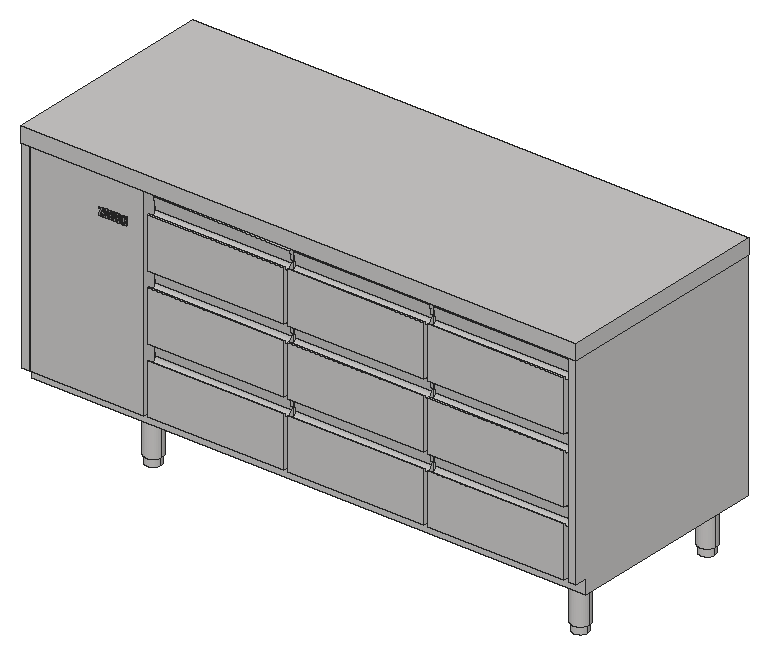
Revit family "QF_ZANUSSI_111049_ZH3HBCCC", category Specialty Equipment, Revit 2018
Family settings
  Round Connector Dimension = Use Diameter
  Part Type = Normal
  Work Plane-Based = No
  Always vertical = Yes
  Cut with Voids When Loaded = No
  Shared = No
  Room Calculation Point = No
Parameters
  Weight = 0.00 kg
  Watts = 0.0232258 W
  Volts = 220 V
  URL Manufacturer = "http://www.zanussiprofessional.com/"
  URL = "http://www.zanussiprofessional.com/"
  Steam Supply Size = 0 mm
  Steam Supply Minimum Pressure = 0.0 Pa
  Steam Supply Maximum Pressure = 0.0 Pa
  Steam Pounds per Hour = 0
  Show Logo [instance] = yes
  Show Clearance [instance] = yes
  Refrigeration Suction Line Size = 0 mm
  Refrigeration Liquid Line Size = 0 mm
  Refrigerant Compressor Remote = yes
  Manufacturer = "Zanussi"
  Phase = 1
  Model = "ZH3HBCCC"
  Length Actual = 1799 mm  # constant formula
  Item Number = "111049"
  Hot Water Size = 0 mm
  Height Actual = 900 mm  # constant formula
  HP = "0.3 HP"
  Gas Size = 0 mm
  Gas KW = 0
  Gas Input Pressure = 0 W
  Description = "9x1/3 DRAWERS REF.TABLE 440L"
  Depth Actual = 700 mm  # constant formula
  Cycle = 50 Hz
  Condensate Return Size = 0 mm
  Compressed Air Volume = 0.0 L/s
  Compressed Air Size = 0 mm
  Compressed Air Pressure = 0.0 Pa
  Cold Water Size = 0 mm
  Accessory = yes
Reference planes
  plane 1 "Center X": y = 182.5
  plane 2: z = 0
  plane 3 "Center Y": x = -353.5
  plane 4: y = -62.5
  plane 5: y = 451.5
  plane 6 "BACK": y = 532.5
  plane 7 "FRONT": y = -167.5
  plane 8: x = -906
  plane 9: x = 478
  plane 10: z = 150
  plane 11 "TOP": z = 900
  plane 12: z = 850
  plane 13 "LEFT": x = -1251
  plane 14 "RIGHT": x = 544
  plane 15: x = -1253
  plane 16: x = 546
Forms (mm)
  Extrusion 1, solid, material "QF_Finishes_Stainless Steel"
    sketch origin (-353.5, 2, 0) x (0, 1, 0) y (0, 0, 1)
      loop
        line (530.5, 150) -> (530.5, 850) -> (-124.5, 850) -> (-124.5, 150) -> (530.5, 150)
    from -897.5 to 897.5
  Extrusion 2, solid, material "QF_Finishes_Stainless Steel"
    sketch origin (-1022.223, -1524, 150) x (-1, 0, 0) y (0, -1, 0)
      loop
        line (228.777, -1361.5) -> (203.777, -1361.5) -> (203.777, -1401.5) -> (228.777, -1401.5) -> (228.777, -1361.5)
      loop
        line (-1566.223, -1401.5) -> (-1541.223, -1401.5) -> (-1541.223, -1361.5) -> (-1566.223, -1361.5) -> (-1566.223, -1401.5)
    from 47 to 700
  Extrusion 3, solid, material "QF_Finishes_Stainless Steel"
    sketch origin (0, 0, 900) x (-1, 0, 0) y (0, -1, 0)
      loop
        circle (170, -94.5) r 8.45
    from -790.577 to -750
  Extrusion 4, solid, material "QF_Finishes_Stainless Steel"
    sketch origin (0, 0, 0) x (1, 0, 0) y (0, 1, 0)
      loop
        circle (-1167, 451.5) r 4
    from 109.423 to 150
  Extrusion 5, solid, material "QF_Finishes_Stainless Steel"
    sketch origin (-126.5, 0, 0) x (0, 1, 0) y (0, 0, 1)
      loop
        line (-167.5, 900) -> (-167.5, 850) -> (532.5, 850) -> (532.5, 900) -> (-167.5, 900)
    from 672.5 to -1126.5
Cuts and joins
  joined: Extrusion 1, Extrusion 2
Lines and regions (mm)
  symbolic lines, style "SpecialityEquipmentHiddenLines"
    curve 1: line (-1253, -122.5, 900) -> (546, -122.5, 900)
    curve 2: line (-850, -167.5, 900) -> (-850, -122.5, 900)
  symbolic lines, style "SpecialityEquipment"
    curve 3: line (-1253, 532.5, 900) -> (546, 532.5, 900)
    curve 4: line (-1253, 532.5, 900) -> (-1253, -167.5, 900)
    curve 5: line (-1253, -167.5, 900) -> (546, -167.5, 900)
    curve 6: line (546, -167.5, 900) -> (546, 532.5, 900)
Dimensions and locks
  locked: plane 6 "BACK" to plane 7 "FRONT" at 700
  equal spacing: plane 6 "BACK", plane 1 "Center X", plane 7 "FRONT"
  locked: plane 6 "BACK" to plane 5 at 81
  plane 10 to level = 150 mm
  plane 11 "TOP" to plane 12 to plane 10 = 50 mm locked, 700 mm locked
  locked: Extrusion 2 sketch curve to Extrusion 2 sketch curve at 25  (x2)
  locked: plane 4 to plane 7 "FRONT" at 105
  locked: plane 6 "BACK" to Extrusion 3 sketch curve at 438
  equal spacing: plane 13 "LEFT", plane 3 "Center Y", plane 14 "RIGHT"
  plane 15 to plane 16 = 1799 mm
  locked: plane 13 "LEFT" to plane 8 at 345
  locked: plane 9 to plane 14 "RIGHT" at 66
  Extrusion 3 sketch curve to plane 14 "RIGHT" = 714 mm
  plane 13 "LEFT" to Extrusion 4 sketch curve = 84 mm
  locked: plane 6 "BACK" to Extrusion 4 sketch curve at 81
  locked: plane 10 to Extrusion 4 at 40.577
  aligned and locked: level to plane 2
  aligned and locked: plane 10 to Extrusion 3
  aligned and locked: nested 4 to plane 4
  aligned and locked: nested 1 to plane 4
  aligned and locked: nested 3 to plane 5
  aligned and locked: nested 2 to plane 5
  aligned and locked: plane 8 to nested 1
  aligned and locked: plane 8 to nested 2
  aligned and locked: plane 9 to nested 4
  aligned and locked: plane 9 to nested 3
  aligned and locked: Extrusion 1 to Extrusion 2
  aligned and locked: Extrusion 2 to Extrusion 1
  aligned and locked: Extrusion 2 sketch curve to plane 14 "RIGHT"
  aligned and locked: plane 13 "LEFT" to Extrusion 2 sketch curve
  aligned and locked: cut or joined group of Extrusion 1, Extrusion 2 to plane 10
  aligned and locked: plane 12 to cut or joined group of Extrusion 1, Extrusion 2
  aligned and locked: plane 10 to Extrusion 4
Automatic sketch dimensions
  plane 7 "FRONT" to Extrusion 2 sketch curve = 45 mm  (x2)
  plane 7 "FRONT" to Extrusion 2 sketch curve = 5 mm  (x2)
  Extrusion 1 sketch curve to plane 10 = 0 mm
  Extrusion 1 sketch curve to plane 12 = 0 mm
  Extrusion 1 sketch curve to plane 6 "BACK" = 0 mm
  plane 7 "FRONT" to Extrusion 1 sketch curve = 45 mm
  Extrusion 5 sketch curve to plane 7 "FRONT" = 0 mm
  Extrusion 5 sketch curve to plane 6 "BACK" = 0 mm
  Extrusion 5 sketch curve to plane 12 = 0 mm
  Extrusion 5 sketch curve to plane 11 "TOP" = 0 mm
  curve 6 to plane 6 "BACK" = 0 mm
  curve 6 to plane 16 = 0 mm
  curve 2 to plane 7 "FRONT" = 0 mm
  curve 5 to plane 15 = 0 mm
  plane 8 to curve 2 = 56 mm
  curve 1 to curve 4 = 45 mm
  radius of Extrusion 3 sketch curve = 8.45 mm
  radius of Extrusion 4 sketch curve = 4 mm
Nested families
  nested 1: "Foot_Ø50_H150" at (-906, -62.5, 0), type "Foot_Ø50_H150"
  nested 2: "Foot_Ø50_H150" at (-906, 451.5, 0), type "Foot_Ø50_H150"
  nested 3: "Foot_Ø50_H150" at (478, 451.5, 0), type "Foot_Ø50_H150"
  nested 4: "Foot_Ø50_H150" at (478, -62.5, 0), type "Foot_Ø50_H150"
  nested 5: "3x1-3 Drawers" at (285, -164.5, 0), Show Clearance <- "Show Clearance", type "3x1-3 Drawers"
  nested 6: "3x1-3 Drawers" at (-169, -164.5, 0), Show Clearance <- "Show Clearance", type "3x1-3 Drawers"
  nested 7: "Refrigerator" at (544, -167.5, 900), type "Refrigerator"
  nested 8: "ZAN_Cooling Unit" at (-1041.5, -164.5, 0), Show Logo <- "Show Logo", type "ZAN_Cooling Unit"
  nested 9: "3x1-3 Drawers" at (-623, -164.5, 0) x (-1, 0, 0) z (0, 0, 1), Show Clearance <- "Show Clearance", type "3x1-3 Drawers"
Connectors
  electrical at (-1167, 451.5, 109.423), driven by "Volts"
    settings: on Extrusion 4, index 4, voltage 220 V, apparent load 0 VA, apparent load phase1 0 VA, apparent load phase2 0 VA, apparent load phase3 0 VA, power factor 1, load classification "Altro", number of poles 1, system type 30, power factor state 1, is connector primary yes, connector utility no, sub classification motor no, connector description "Electrical Connection"
  piping at (-170, 94.5, 109.423), diameter 17
    settings: on Extrusion 3, index 5, connector inside diameter 609.6 mm, connector length 0 mm, flow factor 0, pipe flow 0.0 L/s, pressure drop 0.0 Pa, fitting loss kfactor 0, connector angle 0.00°, fixture units 0, engagement length 0 mm, angle of deflection 0.00°, flow configuration 1, flow direction 2, fitting loss method 0, system type 16, joint type 0, gender type 0, connector reference index -1, connector utility 0, adjustable connector no, is connector primary yes, connector description "Drain"
Definition of nested family "Foot_Ø50_H150"
  Reference planes
    plane 1 "Centro (Fronte/Retro)": y = 0
    plane 2: z = 0
    plane 3 "Centro (Sinistra/Destra)": x = 0
    plane 4: z = 150
  Forms (mm)
    Revolve 1, solid
      sketch origin (255.05, 0, 608.09) x (0, 0, 1) y (-1, 0, 0)
        loop
          line (-608.09, 255.05) -> (-608.09, 230.05) -> (-583.09, 230.05) -> (-583.09, 226.05) -> (-458.09, 226.05) -> (-458.09, 255.05) -> (-608.09, 255.05)
        axis (-608.09, 255.05) -> (-458.09, 255.05)
      angle from 0 to 360
  Dimensions and locks
    locked: Revolve 1 sketch curve to Revolve 1 sketch curve at 125
    aligned and locked: level to plane 2
    aligned and locked: plane 4 to Revolve 1 sketch curve
    aligned and locked: Revolve 1 sketch curve to level
    aligned and locked: plane 3 "Centro (Sinistra/Destra)" to Revolve 1 sketch curve
Definition of nested family "3x1-3 Drawers"
  Parameters
    Show Clearance [instance] = yes
  Reference planes
    plane 1 "FRONT": y = -3
    plane 2: z = 0
    plane 3 "Centro (Sinistra/Destra)": x = 0
    plane 4: z = 150
    plane 5: z = 850
    plane 6: x = -234
    plane 7: x = 234
    plane 8: x = -220
    plane 9: x = 220
  Forms (mm)
    Extrusion 1, solid
      sketch origin (0, 55, 511) x (0, 0, 1) y (0, -1, 0)
        loop
          line (314, 18) -> (314, 29) -> (274.395, 22.5)
          arc (274.395, 22.5) -> (260.395, 36.5) -> (274.395, 50.5) r 14
          line (274.395, 50.5) -> (274.395, 53) -> (111.333, 53) -> (111.333, 18) -> (314, 18)
        loop
          line (101.333, 29) -> (61.728, 22.5)
          arc (61.728, 22.5) -> (47.728, 36.5) -> (61.728, 50.5) r 14
          line (61.728, 50.5) -> (61.728, 53) -> (-101.333, 53) -> (-101.333, 18) -> (101.333, 18) -> (101.333, 29)
        loop
          line (-314, 18) -> (-111.333, 18) -> (-111.333, 29) -> (-150.939, 22.5)
          arc (-150.939, 22.5) -> (-164.939, 36.5) -> (-150.939, 50.5) r 14
          line (-150.939, 50.5) -> (-150.939, 53) -> (-314, 53) -> (-314, 18)
      from -220 to 220
    Extrusion 2, solid, visible <- "Show Clearance", detail levels coarse
      sketch origin (0, -462, 511) x (0, 0, 1) y (0, -1, 0)
        loop
          line (-314, 109) -> (-314, -464) -> (-111.333, -464) -> (-111.333, 109) -> (-314, 109)
        loop
          line (314, -464) -> (314, 109) -> (111.333, 109) -> (111.333, -464) -> (314, -464)
        loop
          line (101.333, 109) -> (-101.333, 109) -> (-101.333, -464) -> (101.333, -464) -> (101.333, 109)
      from -220 to 220
  Lines and regions (mm)
    symbolic lines
      curve 1: line (-190, -3, 0) -> (-190, -48, 0)
      curve 2: line (220, -48, 0) -> (-220, -48, 0)
      curve 3: line (-220, -48, 0) -> (-220, -83, 0)
      curve 4: line (-220, -83, 0) -> (220, -83, 0)
      curve 5: line (220, -83, 0) -> (220, -48, 0)
      curve 6: line (190, -48, 0) -> (190, -3, 0)
      curve 7: line (-190, -83, 0) -> (-190, -128, 0)
      curve 8: line (220, -128, 0) -> (-220, -128, 0)
      curve 9: line (-220, -128, 0) -> (-220, -163, 0)
      curve 10: line (-220, -163, 0) -> (220, -163, 0)
      curve 11: line (220, -163, 0) -> (220, -128, 0)
      curve 12: line (190, -128, 0) -> (190, -83, 0)
      curve 13: line (-190, -163, 0) -> (-190, -208, 0)
      curve 14: line (220, -208, 0) -> (-220, -208, 0)
      curve 15: line (-220, -208, 0) -> (-220, -243, 0)
      curve 16: line (-220, -243, 0) -> (220, -243, 0)
      curve 17: line (220, -243, 0) -> (220, -208, 0)
      curve 18: line (190, -208, 0) -> (190, -163, 0)
  Dimensions and locks
    aligned and locked: level to plane 2
Definition of nested family "ZAN_Cooling Unit"
  Parameters
    Show Logo [instance] = yes
  Reference planes
    plane 1 "FRONT": y = -3
    plane 2: z = 0
    plane 3 "Centro (Sinistra/Destra)": x = 0
    plane 4: z = 150
    plane 5: z = 850
    plane 6: x = -184.5
    plane 7: x = 184.5
  Forms (mm)
    Extrusion 1, solid
      sketch origin (0, 55, 511) x (0, 0, 1) y (0, -1, 0)
        loop
          line (-314, 53) -> (-314, 13) -> (339, 13) -> (339, 53) -> (-314, 53)
      from -184.5 to 184.5
  Lines and regions (mm)
    Split face 1
      outline origin (0, 2, 197) x (0, 0, 1) y (-1, 0, 0)
        loop
          line (566.835, 184.5) -> (566.835, -184.5)
        loop
          line (521.835, 184.5) -> (521.835, -184.5)
    Split face 2
      outline origin (0, 2, 197) x (0, 0, 1) y (-1, 0, 0)
        loop
          arc (510.649, 158.547) -> (506.648, 162.548) -> (502.647, 158.547) r 4.001
          line (502.647, 158.547) -> (502.647, 116.535)
          arc (502.647, 116.535) -> (506.648, 112.533) -> (510.649, 116.535) r 4.001
          line (510.649, 116.535) -> (510.649, 158.547)
    Split face 3
      outline origin (0, 2, 184.996) x (0, 0, 1) y (-1, 0, 0)
        loop
          arc (510.649, 158.547) -> (506.648, 162.548) -> (502.647, 158.547) r 4.001
          line (502.647, 158.547) -> (502.647, 116.535)
          arc (502.647, 116.535) -> (506.648, 112.533) -> (510.649, 116.535) r 4.001
          line (510.649, 116.535) -> (510.649, 158.547)
    Split face 4
      outline origin (0, 2, 172.993) x (0, 0, 1) y (-1, 0, 0)
        loop
          arc (510.649, 158.547) -> (506.648, 162.548) -> (502.647, 158.547) r 4.001
          line (502.647, 158.547) -> (502.647, 116.535)
          arc (502.647, 116.535) -> (506.648, 112.533) -> (510.649, 116.535) r 4.001
          line (510.649, 116.535) -> (510.649, 158.547)
    Split face 5
      outline origin (0, 2, 160.989) x (0, 0, 1) y (-1, 0, 0)
        loop
          arc (510.649, 158.547) -> (506.648, 162.548) -> (502.647, 158.547) r 4.001
          line (502.647, 158.547) -> (502.647, 116.535)
          arc (502.647, 116.535) -> (506.648, 112.533) -> (510.649, 116.535) r 4.001
          line (510.649, 116.535) -> (510.649, 158.547)
    Split face 6
      outline origin (0, 2, 148.986) x (0, 0, 1) y (-1, 0, 0)
        loop
          arc (510.649, 158.547) -> (506.648, 162.548) -> (502.647, 158.547) r 4.001
          line (502.647, 158.547) -> (502.647, 116.535)
          arc (502.647, 116.535) -> (506.648, 112.533) -> (510.649, 116.535) r 4.001
          line (510.649, 116.535) -> (510.649, 158.547)
    Split face 7
      outline origin (0, 2, 136.982) x (0, 0, 1) y (-1, 0, 0)
        loop
          arc (510.649, 158.547) -> (506.648, 162.548) -> (502.647, 158.547) r 4.001
          line (502.647, 158.547) -> (502.647, 116.535)
          arc (502.647, 116.535) -> (506.648, 112.533) -> (510.649, 116.535) r 4.001
          line (510.649, 116.535) -> (510.649, 158.547)
    Split face 8
      outline origin (0, 2, 124.979) x (0, 0, 1) y (-1, 0, 0)
        loop
          arc (510.649, 158.547) -> (506.648, 162.548) -> (502.647, 158.547) r 4.001
          line (502.647, 158.547) -> (502.647, 116.535)
          arc (502.647, 116.535) -> (506.648, 112.533) -> (510.649, 116.535) r 4.001
          line (510.649, 116.535) -> (510.649, 158.547)
    Split face 9
      outline origin (0, 2, 112.975) x (0, 0, 1) y (-1, 0, 0)
        loop
          arc (510.649, 158.547) -> (506.648, 162.548) -> (502.647, 158.547) r 4.001
          line (502.647, 158.547) -> (502.647, 116.535)
          arc (502.647, 116.535) -> (506.648, 112.533) -> (510.649, 116.535) r 4.001
          line (510.649, 116.535) -> (510.649, 158.547)
    Split face 10
      outline origin (0, 2, 100.972) x (0, 0, 1) y (-1, 0, 0)
        loop
          arc (510.649, 158.547) -> (506.648, 162.548) -> (502.647, 158.547) r 4.001
          line (502.647, 158.547) -> (502.647, 116.535)
          arc (502.647, 116.535) -> (506.648, 112.533) -> (510.649, 116.535) r 4.001
          line (510.649, 116.535) -> (510.649, 158.547)
    Split face 11
      outline origin (0, 2, 88.968) x (0, 0, 1) y (-1, 0, 0)
        loop
          arc (510.649, 158.547) -> (506.648, 162.548) -> (502.647, 158.547) r 4.001
          line (502.647, 158.547) -> (502.647, 116.535)
          arc (502.647, 116.535) -> (506.648, 112.533) -> (510.649, 116.535) r 4.001
          line (510.649, 116.535) -> (510.649, 158.547)
    Split face 12
      outline origin (0, 2, 76.965) x (0, 0, 1) y (-1, 0, 0)
        loop
          arc (510.649, 158.547) -> (506.648, 162.548) -> (502.647, 158.547) r 4.001
          line (502.647, 158.547) -> (502.647, 116.535)
          arc (502.647, 116.535) -> (506.648, 112.533) -> (510.649, 116.535) r 4.001
          line (510.649, 116.535) -> (510.649, 158.547)
    Split face 13
      outline origin (0, 2, 64.961) x (0, 0, 1) y (-1, 0, 0)
        loop
          arc (510.649, 158.547) -> (506.648, 162.548) -> (502.647, 158.547) r 4.001
          line (502.647, 158.547) -> (502.647, 116.535)
          arc (502.647, 116.535) -> (506.648, 112.533) -> (510.649, 116.535) r 4.001
          line (510.649, 116.535) -> (510.649, 158.547)
    Split face 14
      outline origin (0, 2, 52.958) x (0, 0, 1) y (-1, 0, 0)
        loop
          arc (510.649, 158.547) -> (506.648, 162.548) -> (502.647, 158.547) r 4.001
          line (502.647, 158.547) -> (502.647, 116.535)
          arc (502.647, 116.535) -> (506.648, 112.533) -> (510.649, 116.535) r 4.001
          line (510.649, 116.535) -> (510.649, 158.547)
    Split face 15
      outline origin (0, 2, 40.954) x (0, 0, 1) y (-1, 0, 0)
        loop
          arc (510.649, 158.547) -> (506.648, 162.548) -> (502.647, 158.547) r 4.001
          line (502.647, 158.547) -> (502.647, 116.535)
          arc (502.647, 116.535) -> (506.648, 112.533) -> (510.649, 116.535) r 4.001
          line (510.649, 116.535) -> (510.649, 158.547)
    Split face 16
      outline origin (0, 2, 28.951) x (0, 0, 1) y (-1, 0, 0)
        loop
          arc (510.649, 158.547) -> (506.648, 162.548) -> (502.647, 158.547) r 4.001
          line (502.647, 158.547) -> (502.647, 116.535)
          arc (502.647, 116.535) -> (506.648, 112.533) -> (510.649, 116.535) r 4.001
          line (510.649, 116.535) -> (510.649, 158.547)
    Split face 17
      outline origin (0, 2, 16.947) x (0, 0, 1) y (-1, 0, 0)
        loop
          arc (510.649, 158.547) -> (506.648, 162.548) -> (502.647, 158.547) r 4.001
          line (502.647, 158.547) -> (502.647, 116.535)
          arc (502.647, 116.535) -> (506.648, 112.533) -> (510.649, 116.535) r 4.001
          line (510.649, 116.535) -> (510.649, 158.547)
    Split face 18
      outline origin (55.016, 2, 197) x (0, 0, 1) y (-1, 0, 0)
        loop
          arc (510.649, 158.547) -> (506.648, 162.548) -> (502.647, 158.547) r 4.001
          line (502.647, 158.547) -> (502.647, 116.535)
          arc (502.647, 116.535) -> (506.648, 112.533) -> (510.649, 116.535) r 4.001
          line (510.649, 116.535) -> (510.649, 158.547)
    Split face 19
      outline origin (55.016, 2, 184.996) x (0, 0, 1) y (-1, 0, 0)
        loop
          arc (510.649, 158.547) -> (506.648, 162.548) -> (502.647, 158.547) r 4.001
          line (502.647, 158.547) -> (502.647, 116.535)
          arc (502.647, 116.535) -> (506.648, 112.533) -> (510.649, 116.535) r 4.001
          line (510.649, 116.535) -> (510.649, 158.547)
    Split face 20
      outline origin (55.016, 2, 172.993) x (0, 0, 1) y (-1, 0, 0)
        loop
          arc (510.649, 158.547) -> (506.648, 162.548) -> (502.647, 158.547) r 4.001
          line (502.647, 158.547) -> (502.647, 116.535)
          arc (502.647, 116.535) -> (506.648, 112.533) -> (510.649, 116.535) r 4.001
          line (510.649, 116.535) -> (510.649, 158.547)
    Split face 21
      outline origin (55.016, 2, 160.989) x (0, 0, 1) y (-1, 0, 0)
        loop
          arc (510.649, 158.547) -> (506.648, 162.548) -> (502.647, 158.547) r 4.001
          line (502.647, 158.547) -> (502.647, 116.535)
          arc (502.647, 116.535) -> (506.648, 112.533) -> (510.649, 116.535) r 4.001
          line (510.649, 116.535) -> (510.649, 158.547)
    Split face 22
      outline origin (55.016, 2, 148.986) x (0, 0, 1) y (-1, 0, 0)
        loop
          arc (510.649, 158.547) -> (506.648, 162.548) -> (502.647, 158.547) r 4.001
          line (502.647, 158.547) -> (502.647, 116.535)
          arc (502.647, 116.535) -> (506.648, 112.533) -> (510.649, 116.535) r 4.001
          line (510.649, 116.535) -> (510.649, 158.547)
    Split face 23
      outline origin (55.016, 2, 136.982) x (0, 0, 1) y (-1, 0, 0)
        loop
          arc (510.649, 158.547) -> (506.648, 162.548) -> (502.647, 158.547) r 4.001
          line (502.647, 158.547) -> (502.647, 116.535)
          arc (502.647, 116.535) -> (506.648, 112.533) -> (510.649, 116.535) r 4.001
          line (510.649, 116.535) -> (510.649, 158.547)
    Split face 24
      outline origin (55.016, 2, 124.979) x (0, 0, 1) y (-1, 0, 0)
        loop
          arc (510.649, 158.547) -> (506.648, 162.548) -> (502.647, 158.547) r 4.001
          line (502.647, 158.547) -> (502.647, 116.535)
          arc (502.647, 116.535) -> (506.648, 112.533) -> (510.649, 116.535) r 4.001
          line (510.649, 116.535) -> (510.649, 158.547)
    Split face 25
      outline origin (55.016, 2, 112.975) x (0, 0, 1) y (-1, 0, 0)
        loop
          arc (510.649, 158.547) -> (506.648, 162.548) -> (502.647, 158.547) r 4.001
          line (502.647, 158.547) -> (502.647, 116.535)
          arc (502.647, 116.535) -> (506.648, 112.533) -> (510.649, 116.535) r 4.001
          line (510.649, 116.535) -> (510.649, 158.547)
    Split face 26
      outline origin (55.016, 2, 100.972) x (0, 0, 1) y (-1, 0, 0)
        loop
          arc (510.649, 158.547) -> (506.648, 162.548) -> (502.647, 158.547) r 4.001
          line (502.647, 158.547) -> (502.647, 116.535)
          arc (502.647, 116.535) -> (506.648, 112.533) -> (510.649, 116.535) r 4.001
          line (510.649, 116.535) -> (510.649, 158.547)
    Split face 27
      outline origin (55.016, 2, 88.968) x (0, 0, 1) y (-1, 0, 0)
        loop
          arc (510.649, 158.547) -> (506.648, 162.548) -> (502.647, 158.547) r 4.001
          line (502.647, 158.547) -> (502.647, 116.535)
          arc (502.647, 116.535) -> (506.648, 112.533) -> (510.649, 116.535) r 4.001
          line (510.649, 116.535) -> (510.649, 158.547)
    Split face 28
      outline origin (55.016, 2, 76.965) x (0, 0, 1) y (-1, 0, 0)
        loop
          arc (510.649, 158.547) -> (506.648, 162.548) -> (502.647, 158.547) r 4.001
          line (502.647, 158.547) -> (502.647, 116.535)
          arc (502.647, 116.535) -> (506.648, 112.533) -> (510.649, 116.535) r 4.001
          line (510.649, 116.535) -> (510.649, 158.547)
    Split face 29
      outline origin (55.016, 2, 64.961) x (0, 0, 1) y (-1, 0, 0)
        loop
          arc (510.649, 158.547) -> (506.648, 162.548) -> (502.647, 158.547) r 4.001
          line (502.647, 158.547) -> (502.647, 116.535)
          arc (502.647, 116.535) -> (506.648, 112.533) -> (510.649, 116.535) r 4.001
          line (510.649, 116.535) -> (510.649, 158.547)
    Split face 30
      outline origin (55.016, 2, 52.958) x (0, 0, 1) y (-1, 0, 0)
        loop
          arc (510.649, 158.547) -> (506.648, 162.548) -> (502.647, 158.547) r 4.001
          line (502.647, 158.547) -> (502.647, 116.535)
          arc (502.647, 116.535) -> (506.648, 112.533) -> (510.649, 116.535) r 4.001
          line (510.649, 116.535) -> (510.649, 158.547)
    Split face 31
      outline origin (55.016, 2, 40.954) x (0, 0, 1) y (-1, 0, 0)
        loop
          arc (510.649, 158.547) -> (506.648, 162.548) -> (502.647, 158.547) r 4.001
          line (502.647, 158.547) -> (502.647, 116.535)
          arc (502.647, 116.535) -> (506.648, 112.533) -> (510.649, 116.535) r 4.001
          line (510.649, 116.535) -> (510.649, 158.547)
    Split face 32
      outline origin (55.016, 2, 28.951) x (0, 0, 1) y (-1, 0, 0)
        loop
          arc (510.649, 158.547) -> (506.648, 162.548) -> (502.647, 158.547) r 4.001
          line (502.647, 158.547) -> (502.647, 116.535)
          arc (502.647, 116.535) -> (506.648, 112.533) -> (510.649, 116.535) r 4.001
          line (510.649, 116.535) -> (510.649, 158.547)
    Split face 33
      outline origin (55.016, 2, 16.947) x (0, 0, 1) y (-1, 0, 0)
        loop
          arc (510.649, 158.547) -> (506.648, 162.548) -> (502.647, 158.547) r 4.001
          line (502.647, 158.547) -> (502.647, 116.535)
          arc (502.647, 116.535) -> (506.648, 112.533) -> (510.649, 116.535) r 4.001
          line (510.649, 116.535) -> (510.649, 158.547)
    Split face 34
      outline origin (110.032, 2, 197) x (0, 0, 1) y (-1, 0, 0)
        loop
          arc (510.649, 158.547) -> (506.648, 162.548) -> (502.647, 158.547) r 4.001
          line (502.647, 158.547) -> (502.647, 116.535)
          arc (502.647, 116.535) -> (506.648, 112.533) -> (510.649, 116.535) r 4.001
          line (510.649, 116.535) -> (510.649, 158.547)
    Split face 35
      outline origin (110.032, 2, 184.996) x (0, 0, 1) y (-1, 0, 0)
        loop
          arc (510.649, 158.547) -> (506.648, 162.548) -> (502.647, 158.547) r 4.001
          line (502.647, 158.547) -> (502.647, 116.535)
          arc (502.647, 116.535) -> (506.648, 112.533) -> (510.649, 116.535) r 4.001
          line (510.649, 116.535) -> (510.649, 158.547)
    Split face 36
      outline origin (110.032, 2, 172.993) x (0, 0, 1) y (-1, 0, 0)
        loop
          arc (510.649, 158.547) -> (506.648, 162.548) -> (502.647, 158.547) r 4.001
          line (502.647, 158.547) -> (502.647, 116.535)
          arc (502.647, 116.535) -> (506.648, 112.533) -> (510.649, 116.535) r 4.001
          line (510.649, 116.535) -> (510.649, 158.547)
    Split face 37
      outline origin (110.032, 2, 160.989) x (0, 0, 1) y (-1, 0, 0)
        loop
          arc (510.649, 158.547) -> (506.648, 162.548) -> (502.647, 158.547) r 4.001
          line (502.647, 158.547) -> (502.647, 116.535)
          arc (502.647, 116.535) -> (506.648, 112.533) -> (510.649, 116.535) r 4.001
          line (510.649, 116.535) -> (510.649, 158.547)
    Split face 38
      outline origin (110.032, 2, 148.986) x (0, 0, 1) y (-1, 0, 0)
        loop
          arc (510.649, 158.547) -> (506.648, 162.548) -> (502.647, 158.547) r 4.001
          line (502.647, 158.547) -> (502.647, 116.535)
          arc (502.647, 116.535) -> (506.648, 112.533) -> (510.649, 116.535) r 4.001
          line (510.649, 116.535) -> (510.649, 158.547)
    Split face 39
      outline origin (110.032, 2, 136.982) x (0, 0, 1) y (-1, 0, 0)
        loop
          arc (510.649, 158.547) -> (506.648, 162.548) -> (502.647, 158.547) r 4.001
          line (502.647, 158.547) -> (502.647, 116.535)
          arc (502.647, 116.535) -> (506.648, 112.533) -> (510.649, 116.535) r 4.001
          line (510.649, 116.535) -> (510.649, 158.547)
    Split face 40
      outline origin (110.032, 2, 124.979) x (0, 0, 1) y (-1, 0, 0)
        loop
          arc (510.649, 158.547) -> (506.648, 162.548) -> (502.647, 158.547) r 4.001
          line (502.647, 158.547) -> (502.647, 116.535)
          arc (502.647, 116.535) -> (506.648, 112.533) -> (510.649, 116.535) r 4.001
          line (510.649, 116.535) -> (510.649, 158.547)
    Split face 41
      outline origin (110.032, 2, 112.975) x (0, 0, 1) y (-1, 0, 0)
        loop
          arc (510.649, 158.547) -> (506.648, 162.548) -> (502.647, 158.547) r 4.001
          line (502.647, 158.547) -> (502.647, 116.535)
          arc (502.647, 116.535) -> (506.648, 112.533) -> (510.649, 116.535) r 4.001
          line (510.649, 116.535) -> (510.649, 158.547)
    Split face 42
      outline origin (110.032, 2, 100.972) x (0, 0, 1) y (-1, 0, 0)
        loop
          arc (510.649, 158.547) -> (506.648, 162.548) -> (502.647, 158.547) r 4.001
          line (502.647, 158.547) -> (502.647, 116.535)
          arc (502.647, 116.535) -> (506.648, 112.533) -> (510.649, 116.535) r 4.001
          line (510.649, 116.535) -> (510.649, 158.547)
    Split face 43
      outline origin (110.032, 2, 88.968) x (0, 0, 1) y (-1, 0, 0)
        loop
          arc (510.649, 158.547) -> (506.648, 162.548) -> (502.647, 158.547) r 4.001
          line (502.647, 158.547) -> (502.647, 116.535)
          arc (502.647, 116.535) -> (506.648, 112.533) -> (510.649, 116.535) r 4.001
          line (510.649, 116.535) -> (510.649, 158.547)
    Split face 44
      outline origin (110.032, 2, 76.965) x (0, 0, 1) y (-1, 0, 0)
        loop
          arc (510.649, 158.547) -> (506.648, 162.548) -> (502.647, 158.547) r 4.001
          line (502.647, 158.547) -> (502.647, 116.535)
          arc (502.647, 116.535) -> (506.648, 112.533) -> (510.649, 116.535) r 4.001
          line (510.649, 116.535) -> (510.649, 158.547)
    Split face 45
      outline origin (110.032, 2, 64.961) x (0, 0, 1) y (-1, 0, 0)
        loop
          arc (510.649, 158.547) -> (506.648, 162.548) -> (502.647, 158.547) r 4.001
          line (502.647, 158.547) -> (502.647, 116.535)
          arc (502.647, 116.535) -> (506.648, 112.533) -> (510.649, 116.535) r 4.001
          line (510.649, 116.535) -> (510.649, 158.547)
    Split face 46
      outline origin (110.032, 2, 52.958) x (0, 0, 1) y (-1, 0, 0)
        loop
          arc (510.649, 158.547) -> (506.648, 162.548) -> (502.647, 158.547) r 4.001
          line (502.647, 158.547) -> (502.647, 116.535)
          arc (502.647, 116.535) -> (506.648, 112.533) -> (510.649, 116.535) r 4.001
          line (510.649, 116.535) -> (510.649, 158.547)
    Split face 47
      outline origin (110.032, 2, 40.954) x (0, 0, 1) y (-1, 0, 0)
        loop
          arc (510.649, 158.547) -> (506.648, 162.548) -> (502.647, 158.547) r 4.001
          line (502.647, 158.547) -> (502.647, 116.535)
          arc (502.647, 116.535) -> (506.648, 112.533) -> (510.649, 116.535) r 4.001
          line (510.649, 116.535) -> (510.649, 158.547)
    Split face 48
      outline origin (110.032, 2, 28.951) x (0, 0, 1) y (-1, 0, 0)
        loop
          arc (510.649, 158.547) -> (506.648, 162.548) -> (502.647, 158.547) r 4.001
          line (502.647, 158.547) -> (502.647, 116.535)
          arc (502.647, 116.535) -> (506.648, 112.533) -> (510.649, 116.535) r 4.001
          line (510.649, 116.535) -> (510.649, 158.547)
    Split face 49
      outline origin (110.032, 2, 16.947) x (0, 0, 1) y (-1, 0, 0)
        loop
          arc (510.649, 158.547) -> (506.648, 162.548) -> (502.647, 158.547) r 4.001
          line (502.647, 158.547) -> (502.647, 116.535)
          arc (502.647, 116.535) -> (506.648, 112.533) -> (510.649, 116.535) r 4.001
          line (510.649, 116.535) -> (510.649, 158.547)
    Split face 50
      outline origin (165.048, 2, 197) x (0, 0, 1) y (-1, 0, 0)
        loop
          arc (510.649, 158.547) -> (506.648, 162.548) -> (502.647, 158.547) r 4.001
          line (502.647, 158.547) -> (502.647, 116.535)
          arc (502.647, 116.535) -> (506.648, 112.533) -> (510.649, 116.535) r 4.001
          line (510.649, 116.535) -> (510.649, 158.547)
    Split face 51
      outline origin (165.048, 2, 184.996) x (0, 0, 1) y (-1, 0, 0)
        loop
          arc (510.649, 158.547) -> (506.648, 162.548) -> (502.647, 158.547) r 4.001
          line (502.647, 158.547) -> (502.647, 116.535)
          arc (502.647, 116.535) -> (506.648, 112.533) -> (510.649, 116.535) r 4.001
          line (510.649, 116.535) -> (510.649, 158.547)
    Split face 52
      outline origin (165.048, 2, 172.993) x (0, 0, 1) y (-1, 0, 0)
        loop
          arc (510.649, 158.547) -> (506.648, 162.548) -> (502.647, 158.547) r 4.001
          line (502.647, 158.547) -> (502.647, 116.535)
          arc (502.647, 116.535) -> (506.648, 112.533) -> (510.649, 116.535) r 4.001
          line (510.649, 116.535) -> (510.649, 158.547)
    Split face 53
      outline origin (165.048, 2, 160.989) x (0, 0, 1) y (-1, 0, 0)
        loop
          arc (510.649, 158.547) -> (506.648, 162.548) -> (502.647, 158.547) r 4.001
          line (502.647, 158.547) -> (502.647, 116.535)
          arc (502.647, 116.535) -> (506.648, 112.533) -> (510.649, 116.535) r 4.001
          line (510.649, 116.535) -> (510.649, 158.547)
    Split face 54
      outline origin (165.048, 2, 148.986) x (0, 0, 1) y (-1, 0, 0)
        loop
          arc (510.649, 158.547) -> (506.648, 162.548) -> (502.647, 158.547) r 4.001
          line (502.647, 158.547) -> (502.647, 116.535)
          arc (502.647, 116.535) -> (506.648, 112.533) -> (510.649, 116.535) r 4.001
          line (510.649, 116.535) -> (510.649, 158.547)
    Split face 55
      outline origin (165.048, 2, 136.982) x (0, 0, 1) y (-1, 0, 0)
        loop
          arc (510.649, 158.547) -> (506.648, 162.548) -> (502.647, 158.547) r 4.001
          line (502.647, 158.547) -> (502.647, 116.535)
          arc (502.647, 116.535) -> (506.648, 112.533) -> (510.649, 116.535) r 4.001
          line (510.649, 116.535) -> (510.649, 158.547)
    Split face 56
      outline origin (165.048, 2, 124.979) x (0, 0, 1) y (-1, 0, 0)
        loop
          arc (510.649, 158.547) -> (506.648, 162.548) -> (502.647, 158.547) r 4.001
          line (502.647, 158.547) -> (502.647, 116.535)
          arc (502.647, 116.535) -> (506.648, 112.533) -> (510.649, 116.535) r 4.001
          line (510.649, 116.535) -> (510.649, 158.547)
    Split face 57
      outline origin (165.048, 2, 112.975) x (0, 0, 1) y (-1, 0, 0)
        loop
          arc (510.649, 158.547) -> (506.648, 162.548) -> (502.647, 158.547) r 4.001
          line (502.647, 158.547) -> (502.647, 116.535)
          arc (502.647, 116.535) -> (506.648, 112.533) -> (510.649, 116.535) r 4.001
          line (510.649, 116.535) -> (510.649, 158.547)
    Split face 58
      outline origin (165.048, 2, 100.972) x (0, 0, 1) y (-1, 0, 0)
        loop
          arc (510.649, 158.547) -> (506.648, 162.548) -> (502.647, 158.547) r 4.001
          line (502.647, 158.547) -> (502.647, 116.535)
          arc (502.647, 116.535) -> (506.648, 112.533) -> (510.649, 116.535) r 4.001
          line (510.649, 116.535) -> (510.649, 158.547)
    Split face 59
      outline origin (165.048, 2, 88.968) x (0, 0, 1) y (-1, 0, 0)
        loop
          arc (510.649, 158.547) -> (506.648, 162.548) -> (502.647, 158.547) r 4.001
          line (502.647, 158.547) -> (502.647, 116.535)
          arc (502.647, 116.535) -> (506.648, 112.533) -> (510.649, 116.535) r 4.001
          line (510.649, 116.535) -> (510.649, 158.547)
    Split face 60
      outline origin (165.048, 2, 76.965) x (0, 0, 1) y (-1, 0, 0)
        loop
          arc (510.649, 158.547) -> (506.648, 162.548) -> (502.647, 158.547) r 4.001
          line (502.647, 158.547) -> (502.647, 116.535)
          arc (502.647, 116.535) -> (506.648, 112.533) -> (510.649, 116.535) r 4.001
          line (510.649, 116.535) -> (510.649, 158.547)
    Split face 61
      outline origin (165.048, 2, 64.961) x (0, 0, 1) y (-1, 0, 0)
        loop
          arc (510.649, 158.547) -> (506.648, 162.548) -> (502.647, 158.547) r 4.001
          line (502.647, 158.547) -> (502.647, 116.535)
          arc (502.647, 116.535) -> (506.648, 112.533) -> (510.649, 116.535) r 4.001
          line (510.649, 116.535) -> (510.649, 158.547)
    Split face 62
      outline origin (165.048, 2, 52.958) x (0, 0, 1) y (-1, 0, 0)
        loop
          arc (510.649, 158.547) -> (506.648, 162.548) -> (502.647, 158.547) r 4.001
          line (502.647, 158.547) -> (502.647, 116.535)
          arc (502.647, 116.535) -> (506.648, 112.533) -> (510.649, 116.535) r 4.001
          line (510.649, 116.535) -> (510.649, 158.547)
    Split face 63
      outline origin (165.048, 2, 40.954) x (0, 0, 1) y (-1, 0, 0)
        loop
          arc (510.649, 158.547) -> (506.648, 162.548) -> (502.647, 158.547) r 4.001
          line (502.647, 158.547) -> (502.647, 116.535)
          arc (502.647, 116.535) -> (506.648, 112.533) -> (510.649, 116.535) r 4.001
          line (510.649, 116.535) -> (510.649, 158.547)
    Split face 64
      outline origin (165.048, 2, 28.951) x (0, 0, 1) y (-1, 0, 0)
        loop
          arc (510.649, 158.547) -> (506.648, 162.548) -> (502.647, 158.547) r 4.001
          line (502.647, 158.547) -> (502.647, 116.535)
          arc (502.647, 116.535) -> (506.648, 112.533) -> (510.649, 116.535) r 4.001
          line (510.649, 116.535) -> (510.649, 158.547)
    Split face 65
      outline origin (165.048, 2, 16.947) x (0, 0, 1) y (-1, 0, 0)
        loop
          arc (510.649, 158.547) -> (506.648, 162.548) -> (502.647, 158.547) r 4.001
          line (502.647, 158.547) -> (502.647, 116.535)
          arc (502.647, 116.535) -> (506.648, 112.533) -> (510.649, 116.535) r 4.001
          line (510.649, 116.535) -> (510.649, 158.547)
    Split face 66
      outline origin (220.064, 2, 197) x (0, 0, 1) y (-1, 0, 0)
        loop
          arc (510.649, 158.547) -> (506.648, 162.548) -> (502.647, 158.547) r 4.001
          line (502.647, 158.547) -> (502.647, 116.535)
          arc (502.647, 116.535) -> (506.648, 112.533) -> (510.649, 116.535) r 4.001
          line (510.649, 116.535) -> (510.649, 158.547)
    Split face 67
      outline origin (220.064, 2, 184.996) x (0, 0, 1) y (-1, 0, 0)
        loop
          arc (510.649, 158.547) -> (506.648, 162.548) -> (502.647, 158.547) r 4.001
          line (502.647, 158.547) -> (502.647, 116.535)
          arc (502.647, 116.535) -> (506.648, 112.533) -> (510.649, 116.535) r 4.001
          line (510.649, 116.535) -> (510.649, 158.547)
    Split face 68
      outline origin (220.064, 2, 172.993) x (0, 0, 1) y (-1, 0, 0)
        loop
          arc (510.649, 158.547) -> (506.648, 162.548) -> (502.647, 158.547) r 4.001
          line (502.647, 158.547) -> (502.647, 116.535)
          arc (502.647, 116.535) -> (506.648, 112.533) -> (510.649, 116.535) r 4.001
          line (510.649, 116.535) -> (510.649, 158.547)
    Split face 69
      outline origin (220.064, 2, 160.989) x (0, 0, 1) y (-1, 0, 0)
        loop
          arc (510.649, 158.547) -> (506.648, 162.548) -> (502.647, 158.547) r 4.001
          line (502.647, 158.547) -> (502.647, 116.535)
          arc (502.647, 116.535) -> (506.648, 112.533) -> (510.649, 116.535) r 4.001
          line (510.649, 116.535) -> (510.649, 158.547)
    Split face 70
      outline origin (220.064, 2, 148.986) x (0, 0, 1) y (-1, 0, 0)
        loop
          arc (510.649, 158.547) -> (506.648, 162.548) -> (502.647, 158.547) r 4.001
          line (502.647, 158.547) -> (502.647, 116.535)
          arc (502.647, 116.535) -> (506.648, 112.533) -> (510.649, 116.535) r 4.001
          line (510.649, 116.535) -> (510.649, 158.547)
    Split face 71
      outline origin (220.064, 2, 136.982) x (0, 0, 1) y (-1, 0, 0)
        loop
          arc (510.649, 158.547) -> (506.648, 162.548) -> (502.647, 158.547) r 4.001
          line (502.647, 158.547) -> (502.647, 116.535)
          arc (502.647, 116.535) -> (506.648, 112.533) -> (510.649, 116.535) r 4.001
          line (510.649, 116.535) -> (510.649, 158.547)
    Split face 72
      outline origin (220.064, 2, 124.979) x (0, 0, 1) y (-1, 0, 0)
        loop
          arc (510.649, 158.547) -> (506.648, 162.548) -> (502.647, 158.547) r 4.001
          line (502.647, 158.547) -> (502.647, 116.535)
          arc (502.647, 116.535) -> (506.648, 112.533) -> (510.649, 116.535) r 4.001
          line (510.649, 116.535) -> (510.649, 158.547)
    Split face 73
      outline origin (220.064, 2, 112.975) x (0, 0, 1) y (-1, 0, 0)
        loop
          arc (510.649, 158.547) -> (506.648, 162.548) -> (502.647, 158.547) r 4.001
          line (502.647, 158.547) -> (502.647, 116.535)
          arc (502.647, 116.535) -> (506.648, 112.533) -> (510.649, 116.535) r 4.001
          line (510.649, 116.535) -> (510.649, 158.547)
    Split face 74
      outline origin (220.064, 2, 100.972) x (0, 0, 1) y (-1, 0, 0)
        loop
          arc (510.649, 158.547) -> (506.648, 162.548) -> (502.647, 158.547) r 4.001
          line (502.647, 158.547) -> (502.647, 116.535)
          arc (502.647, 116.535) -> (506.648, 112.533) -> (510.649, 116.535) r 4.001
          line (510.649, 116.535) -> (510.649, 158.547)
    Split face 75
      outline origin (220.064, 2, 88.968) x (0, 0, 1) y (-1, 0, 0)
        loop
          arc (510.649, 158.547) -> (506.648, 162.548) -> (502.647, 158.547) r 4.001
          line (502.647, 158.547) -> (502.647, 116.535)
          arc (502.647, 116.535) -> (506.648, 112.533) -> (510.649, 116.535) r 4.001
          line (510.649, 116.535) -> (510.649, 158.547)
    Split face 76
      outline origin (220.064, 2, 76.965) x (0, 0, 1) y (-1, 0, 0)
        loop
          arc (510.649, 158.547) -> (506.648, 162.548) -> (502.647, 158.547) r 4.001
          line (502.647, 158.547) -> (502.647, 116.535)
          arc (502.647, 116.535) -> (506.648, 112.533) -> (510.649, 116.535) r 4.001
          line (510.649, 116.535) -> (510.649, 158.547)
    Split face 77
      outline origin (220.064, 2, 64.961) x (0, 0, 1) y (-1, 0, 0)
        loop
          arc (510.649, 158.547) -> (506.648, 162.548) -> (502.647, 158.547) r 4.001
          line (502.647, 158.547) -> (502.647, 116.535)
          arc (502.647, 116.535) -> (506.648, 112.533) -> (510.649, 116.535) r 4.001
          line (510.649, 116.535) -> (510.649, 158.547)
    Split face 78
      outline origin (220.064, 2, 52.958) x (0, 0, 1) y (-1, 0, 0)
        loop
          arc (510.649, 158.547) -> (506.648, 162.548) -> (502.647, 158.547) r 4.001
          line (502.647, 158.547) -> (502.647, 116.535)
          arc (502.647, 116.535) -> (506.648, 112.533) -> (510.649, 116.535) r 4.001
          line (510.649, 116.535) -> (510.649, 158.547)
    Split face 79
      outline origin (220.064, 2, 40.954) x (0, 0, 1) y (-1, 0, 0)
        loop
          arc (510.649, 158.547) -> (506.648, 162.548) -> (502.647, 158.547) r 4.001
          line (502.647, 158.547) -> (502.647, 116.535)
          arc (502.647, 116.535) -> (506.648, 112.533) -> (510.649, 116.535) r 4.001
          line (510.649, 116.535) -> (510.649, 158.547)
    Split face 80
      outline origin (220.064, 2, 28.951) x (0, 0, 1) y (-1, 0, 0)
        loop
          arc (510.649, 158.547) -> (506.648, 162.548) -> (502.647, 158.547) r 4.001
          line (502.647, 158.547) -> (502.647, 116.535)
          arc (502.647, 116.535) -> (506.648, 112.533) -> (510.649, 116.535) r 4.001
          line (510.649, 116.535) -> (510.649, 158.547)
    Split face 81
      outline origin (220.064, 2, 16.947) x (0, 0, 1) y (-1, 0, 0)
        loop
          arc (510.649, 158.547) -> (506.648, 162.548) -> (502.647, 158.547) r 4.001
          line (502.647, 158.547) -> (502.647, 116.535)
          arc (502.647, 116.535) -> (506.648, 112.533) -> (510.649, 116.535) r 4.001
          line (510.649, 116.535) -> (510.649, 158.547)
    Split face 82
      outline origin (275.081, 2, 197) x (0, 0, 1) y (-1, 0, 0)
        loop
          arc (510.649, 158.547) -> (506.648, 162.548) -> (502.647, 158.547) r 4.001
          line (502.647, 158.547) -> (502.647, 116.535)
          arc (502.647, 116.535) -> (506.648, 112.533) -> (510.649, 116.535) r 4.001
          line (510.649, 116.535) -> (510.649, 158.547)
    Split face 83
      outline origin (275.081, 2, 184.996) x (0, 0, 1) y (-1, 0, 0)
        loop
          arc (510.649, 158.547) -> (506.648, 162.548) -> (502.647, 158.547) r 4.001
          line (502.647, 158.547) -> (502.647, 116.535)
          arc (502.647, 116.535) -> (506.648, 112.533) -> (510.649, 116.535) r 4.001
          line (510.649, 116.535) -> (510.649, 158.547)
    Split face 84
      outline origin (275.081, 2, 172.993) x (0, 0, 1) y (-1, 0, 0)
        loop
          arc (510.649, 158.547) -> (506.648, 162.548) -> (502.647, 158.547) r 4.001
          line (502.647, 158.547) -> (502.647, 116.535)
          arc (502.647, 116.535) -> (506.648, 112.533) -> (510.649, 116.535) r 4.001
          line (510.649, 116.535) -> (510.649, 158.547)
    Split face 85
      outline origin (275.081, 2, 160.989) x (0, 0, 1) y (-1, 0, 0)
        loop
          arc (510.649, 158.547) -> (506.648, 162.548) -> (502.647, 158.547) r 4.001
          line (502.647, 158.547) -> (502.647, 116.535)
          arc (502.647, 116.535) -> (506.648, 112.533) -> (510.649, 116.535) r 4.001
          line (510.649, 116.535) -> (510.649, 158.547)
    Split face 86
      outline origin (275.081, 2, 148.986) x (0, 0, 1) y (-1, 0, 0)
        loop
          arc (510.649, 158.547) -> (506.648, 162.548) -> (502.647, 158.547) r 4.001
          line (502.647, 158.547) -> (502.647, 116.535)
          arc (502.647, 116.535) -> (506.648, 112.533) -> (510.649, 116.535) r 4.001
          line (510.649, 116.535) -> (510.649, 158.547)
    Split face 87
      outline origin (275.081, 2, 136.982) x (0, 0, 1) y (-1, 0, 0)
        loop
          arc (510.649, 158.547) -> (506.648, 162.548) -> (502.647, 158.547) r 4.001
          line (502.647, 158.547) -> (502.647, 116.535)
          arc (502.647, 116.535) -> (506.648, 112.533) -> (510.649, 116.535) r 4.001
          line (510.649, 116.535) -> (510.649, 158.547)
    Split face 88
      outline origin (275.081, 2, 124.979) x (0, 0, 1) y (-1, 0, 0)
        loop
          arc (510.649, 158.547) -> (506.648, 162.548) -> (502.647, 158.547) r 4.001
          line (502.647, 158.547) -> (502.647, 116.535)
          arc (502.647, 116.535) -> (506.648, 112.533) -> (510.649, 116.535) r 4.001
          line (510.649, 116.535) -> (510.649, 158.547)
    Split face 89
      outline origin (275.081, 2, 112.975) x (0, 0, 1) y (-1, 0, 0)
        loop
          arc (510.649, 158.547) -> (506.648, 162.548) -> (502.647, 158.547) r 4.001
          line (502.647, 158.547) -> (502.647, 116.535)
          arc (502.647, 116.535) -> (506.648, 112.533) -> (510.649, 116.535) r 4.001
          line (510.649, 116.535) -> (510.649, 158.547)
    Split face 90
      outline origin (275.081, 2, 100.972) x (0, 0, 1) y (-1, 0, 0)
        loop
          arc (510.649, 158.547) -> (506.648, 162.548) -> (502.647, 158.547) r 4.001
          line (502.647, 158.547) -> (502.647, 116.535)
          arc (502.647, 116.535) -> (506.648, 112.533) -> (510.649, 116.535) r 4.001
          line (510.649, 116.535) -> (510.649, 158.547)
    Split face 91
      outline origin (275.081, 2, 88.968) x (0, 0, 1) y (-1, 0, 0)
        loop
          arc (510.649, 158.547) -> (506.648, 162.548) -> (502.647, 158.547) r 4.001
          line (502.647, 158.547) -> (502.647, 116.535)
          arc (502.647, 116.535) -> (506.648, 112.533) -> (510.649, 116.535) r 4.001
          line (510.649, 116.535) -> (510.649, 158.547)
    Split face 92
      outline origin (275.081, 2, 76.965) x (0, 0, 1) y (-1, 0, 0)
        loop
          arc (510.649, 158.547) -> (506.648, 162.548) -> (502.647, 158.547) r 4.001
          line (502.647, 158.547) -> (502.647, 116.535)
          arc (502.647, 116.535) -> (506.648, 112.533) -> (510.649, 116.535) r 4.001
          line (510.649, 116.535) -> (510.649, 158.547)
    Split face 93
      outline origin (275.081, 2, 64.961) x (0, 0, 1) y (-1, 0, 0)
        loop
          arc (510.649, 158.547) -> (506.648, 162.548) -> (502.647, 158.547) r 4.001
          line (502.647, 158.547) -> (502.647, 116.535)
          arc (502.647, 116.535) -> (506.648, 112.533) -> (510.649, 116.535) r 4.001
          line (510.649, 116.535) -> (510.649, 158.547)
    Split face 94
      outline origin (275.081, 2, 52.958) x (0, 0, 1) y (-1, 0, 0)
        loop
          arc (510.649, 158.547) -> (506.648, 162.548) -> (502.647, 158.547) r 4.001
          line (502.647, 158.547) -> (502.647, 116.535)
          arc (502.647, 116.535) -> (506.648, 112.533) -> (510.649, 116.535) r 4.001
          line (510.649, 116.535) -> (510.649, 158.547)
    Split face 95
      outline origin (275.081, 2, 40.954) x (0, 0, 1) y (-1, 0, 0)
        loop
          arc (510.649, 158.547) -> (506.648, 162.548) -> (502.647, 158.547) r 4.001
          line (502.647, 158.547) -> (502.647, 116.535)
          arc (502.647, 116.535) -> (506.648, 112.533) -> (510.649, 116.535) r 4.001
          line (510.649, 116.535) -> (510.649, 158.547)
    Split face 96
      outline origin (275.081, 2, 28.951) x (0, 0, 1) y (-1, 0, 0)
        loop
          arc (510.649, 158.547) -> (506.648, 162.548) -> (502.647, 158.547) r 4.001
          line (502.647, 158.547) -> (502.647, 116.535)
          arc (502.647, 116.535) -> (506.648, 112.533) -> (510.649, 116.535) r 4.001
          line (510.649, 116.535) -> (510.649, 158.547)
    Split face 97
      outline origin (275.081, 2, 16.947) x (0, 0, 1) y (-1, 0, 0)
        loop
          arc (510.649, 158.547) -> (506.648, 162.548) -> (502.647, 158.547) r 4.001
          line (502.647, 158.547) -> (502.647, 116.535)
          arc (502.647, 116.535) -> (506.648, 112.533) -> (510.649, 116.535) r 4.001
          line (510.649, 116.535) -> (510.649, 158.547)
    Split face 98
      outline origin (0, 2, -113.091) x (0, 0, 1) y (-1, 0, 0)
        loop
          arc (510.649, 158.547) -> (506.648, 162.548) -> (502.647, 158.547) r 4.001
          line (502.647, 158.547) -> (502.647, 116.535)
          arc (502.647, 116.535) -> (506.648, 112.533) -> (510.649, 116.535) r 4.001
          line (510.649, 116.535) -> (510.649, 158.547)
    Split face 99
      outline origin (0, 2, -125.094) x (0, 0, 1) y (-1, 0, 0)
        loop
          arc (510.649, 158.547) -> (506.648, 162.548) -> (502.647, 158.547) r 4.001
          line (502.647, 158.547) -> (502.647, 116.535)
          arc (502.647, 116.535) -> (506.648, 112.533) -> (510.649, 116.535) r 4.001
          line (510.649, 116.535) -> (510.649, 158.547)
    Split face 100
      outline origin (0, 2, -137.098) x (0, 0, 1) y (-1, 0, 0)
        loop
          arc (510.649, 158.547) -> (506.648, 162.548) -> (502.647, 158.547) r 4.001
          line (502.647, 158.547) -> (502.647, 116.535)
          arc (502.647, 116.535) -> (506.648, 112.533) -> (510.649, 116.535) r 4.001
          line (510.649, 116.535) -> (510.649, 158.547)
    Split face 101
      outline origin (0, 2, -149.101) x (0, 0, 1) y (-1, 0, 0)
        loop
          arc (510.649, 158.547) -> (506.648, 162.548) -> (502.647, 158.547) r 4.001
          line (502.647, 158.547) -> (502.647, 116.535)
          arc (502.647, 116.535) -> (506.648, 112.533) -> (510.649, 116.535) r 4.001
          line (510.649, 116.535) -> (510.649, 158.547)
    Split face 102
      outline origin (0, 2, -161.105) x (0, 0, 1) y (-1, 0, 0)
        loop
          arc (510.649, 158.547) -> (506.648, 162.548) -> (502.647, 158.547) r 4.001
          line (502.647, 158.547) -> (502.647, 116.535)
          arc (502.647, 116.535) -> (506.648, 112.533) -> (510.649, 116.535) r 4.001
          line (510.649, 116.535) -> (510.649, 158.547)
    Split face 103
      outline origin (0, 2, -173.108) x (0, 0, 1) y (-1, 0, 0)
        loop
          arc (510.649, 158.547) -> (506.648, 162.548) -> (502.647, 158.547) r 4.001
          line (502.647, 158.547) -> (502.647, 116.535)
          arc (502.647, 116.535) -> (506.648, 112.533) -> (510.649, 116.535) r 4.001
          line (510.649, 116.535) -> (510.649, 158.547)
    Split face 104
      outline origin (0, 2, -185.112) x (0, 0, 1) y (-1, 0, 0)
        loop
          arc (510.649, 158.547) -> (506.648, 162.548) -> (502.647, 158.547) r 4.001
          line (502.647, 158.547) -> (502.647, 116.535)
          arc (502.647, 116.535) -> (506.648, 112.533) -> (510.649, 116.535) r 4.001
          line (510.649, 116.535) -> (510.649, 158.547)
    Split face 105
      outline origin (0, 2, -197.115) x (0, 0, 1) y (-1, 0, 0)
        loop
          arc (510.649, 158.547) -> (506.648, 162.548) -> (502.647, 158.547) r 4.001
          line (502.647, 158.547) -> (502.647, 116.535)
          arc (502.647, 116.535) -> (506.648, 112.533) -> (510.649, 116.535) r 4.001
          line (510.649, 116.535) -> (510.649, 158.547)
    Split face 106
      outline origin (0, 2, -209.119) x (0, 0, 1) y (-1, 0, 0)
        loop
          arc (510.649, 158.547) -> (506.648, 162.548) -> (502.647, 158.547) r 4.001
          line (502.647, 158.547) -> (502.647, 116.535)
          arc (502.647, 116.535) -> (506.648, 112.533) -> (510.649, 116.535) r 4.001
          line (510.649, 116.535) -> (510.649, 158.547)
    Split face 107
      outline origin (0, 2, -221.122) x (0, 0, 1) y (-1, 0, 0)
        loop
          arc (510.649, 158.547) -> (506.648, 162.548) -> (502.647, 158.547) r 4.001
          line (502.647, 158.547) -> (502.647, 116.535)
          arc (502.647, 116.535) -> (506.648, 112.533) -> (510.649, 116.535) r 4.001
          line (510.649, 116.535) -> (510.649, 158.547)
    Split face 108
      outline origin (0, 2, -233.126) x (0, 0, 1) y (-1, 0, 0)
        loop
          arc (510.649, 158.547) -> (506.648, 162.548) -> (502.647, 158.547) r 4.001
          line (502.647, 158.547) -> (502.647, 116.535)
          arc (502.647, 116.535) -> (506.648, 112.533) -> (510.649, 116.535) r 4.001
          line (510.649, 116.535) -> (510.649, 158.547)
    Split face 109
      outline origin (0, 2, -245.129) x (0, 0, 1) y (-1, 0, 0)
        loop
          arc (510.649, 158.547) -> (506.648, 162.548) -> (502.647, 158.547) r 4.001
          line (502.647, 158.547) -> (502.647, 116.535)
          arc (502.647, 116.535) -> (506.648, 112.533) -> (510.649, 116.535) r 4.001
          line (510.649, 116.535) -> (510.649, 158.547)
    Split face 110
      outline origin (0, 2, -257.133) x (0, 0, 1) y (-1, 0, 0)
        loop
          arc (510.649, 158.547) -> (506.648, 162.548) -> (502.647, 158.547) r 4.001
          line (502.647, 158.547) -> (502.647, 116.535)
          arc (502.647, 116.535) -> (506.648, 112.533) -> (510.649, 116.535) r 4.001
          line (510.649, 116.535) -> (510.649, 158.547)
    Split face 111
      outline origin (0, 2, -269.136) x (0, 0, 1) y (-1, 0, 0)
        loop
          arc (510.649, 158.547) -> (506.648, 162.548) -> (502.647, 158.547) r 4.001
          line (502.647, 158.547) -> (502.647, 116.535)
          arc (502.647, 116.535) -> (506.648, 112.533) -> (510.649, 116.535) r 4.001
          line (510.649, 116.535) -> (510.649, 158.547)
    Split face 112
      outline origin (0, 2, -281.14) x (0, 0, 1) y (-1, 0, 0)
        loop
          arc (510.649, 158.547) -> (506.648, 162.548) -> (502.647, 158.547) r 4.001
          line (502.647, 158.547) -> (502.647, 116.535)
          arc (502.647, 116.535) -> (506.648, 112.533) -> (510.649, 116.535) r 4.001
          line (510.649, 116.535) -> (510.649, 158.547)
    Split face 113
      outline origin (0, 2, -293.144) x (0, 0, 1) y (-1, 0, 0)
        loop
          arc (510.649, 158.547) -> (506.648, 162.548) -> (502.647, 158.547) r 4.001
          line (502.647, 158.547) -> (502.647, 116.535)
          arc (502.647, 116.535) -> (506.648, 112.533) -> (510.649, 116.535) r 4.001
          line (510.649, 116.535) -> (510.649, 158.547)
    Split face 114
      outline origin (55.016, 2, -113.091) x (0, 0, 1) y (-1, 0, 0)
        loop
          arc (510.649, 158.547) -> (506.648, 162.548) -> (502.647, 158.547) r 4.001
          line (502.647, 158.547) -> (502.647, 116.535)
          arc (502.647, 116.535) -> (506.648, 112.533) -> (510.649, 116.535) r 4.001
          line (510.649, 116.535) -> (510.649, 158.547)
    Split face 115
      outline origin (55.016, 2, -125.094) x (0, 0, 1) y (-1, 0, 0)
        loop
          arc (510.649, 158.547) -> (506.648, 162.548) -> (502.647, 158.547) r 4.001
          line (502.647, 158.547) -> (502.647, 116.535)
          arc (502.647, 116.535) -> (506.648, 112.533) -> (510.649, 116.535) r 4.001
          line (510.649, 116.535) -> (510.649, 158.547)
    Split face 116
      outline origin (55.016, 2, -137.098) x (0, 0, 1) y (-1, 0, 0)
        loop
          arc (510.649, 158.547) -> (506.648, 162.548) -> (502.647, 158.547) r 4.001
          line (502.647, 158.547) -> (502.647, 116.535)
          arc (502.647, 116.535) -> (506.648, 112.533) -> (510.649, 116.535) r 4.001
          line (510.649, 116.535) -> (510.649, 158.547)
    Split face 117
      outline origin (55.016, 2, -149.101) x (0, 0, 1) y (-1, 0, 0)
        loop
          arc (510.649, 158.547) -> (506.648, 162.548) -> (502.647, 158.547) r 4.001
          line (502.647, 158.547) -> (502.647, 116.535)
          arc (502.647, 116.535) -> (506.648, 112.533) -> (510.649, 116.535) r 4.001
          line (510.649, 116.535) -> (510.649, 158.547)
    Split face 118
      outline origin (55.016, 2, -161.105) x (0, 0, 1) y (-1, 0, 0)
        loop
          arc (510.649, 158.547) -> (506.648, 162.548) -> (502.647, 158.547) r 4.001
          line (502.647, 158.547) -> (502.647, 116.535)
          arc (502.647, 116.535) -> (506.648, 112.533) -> (510.649, 116.535) r 4.001
          line (510.649, 116.535) -> (510.649, 158.547)
    Split face 119
      outline origin (55.016, 2, -173.108) x (0, 0, 1) y (-1, 0, 0)
        loop
          arc (510.649, 158.547) -> (506.648, 162.548) -> (502.647, 158.547) r 4.001
          line (502.647, 158.547) -> (502.647, 116.535)
          arc (502.647, 116.535) -> (506.648, 112.533) -> (510.649, 116.535) r 4.001
          line (510.649, 116.535) -> (510.649, 158.547)
    Split face 120
      outline origin (55.016, 2, -185.112) x (0, 0, 1) y (-1, 0, 0)
        loop
          arc (510.649, 158.547) -> (506.648, 162.548) -> (502.647, 158.547) r 4.001
          line (502.647, 158.547) -> (502.647, 116.535)
          arc (502.647, 116.535) -> (506.648, 112.533) -> (510.649, 116.535) r 4.001
          line (510.649, 116.535) -> (510.649, 158.547)
    Split face 121
      outline origin (55.016, 2, -197.115) x (0, 0, 1) y (-1, 0, 0)
        loop
          arc (510.649, 158.547) -> (506.648, 162.548) -> (502.647, 158.547) r 4.001
          line (502.647, 158.547) -> (502.647, 116.535)
          arc (502.647, 116.535) -> (506.648, 112.533) -> (510.649, 116.535) r 4.001
          line (510.649, 116.535) -> (510.649, 158.547)
    Split face 122
      outline origin (55.016, 2, -209.119) x (0, 0, 1) y (-1, 0, 0)
        loop
          arc (510.649, 158.547) -> (506.648, 162.548) -> (502.647, 158.547) r 4.001
          line (502.647, 158.547) -> (502.647, 116.535)
          arc (502.647, 116.535) -> (506.648, 112.533) -> (510.649, 116.535) r 4.001
          line (510.649, 116.535) -> (510.649, 158.547)
    Split face 123
      outline origin (55.016, 2, -221.122) x (0, 0, 1) y (-1, 0, 0)
        loop
          arc (510.649, 158.547) -> (506.648, 162.548) -> (502.647, 158.547) r 4.001
          line (502.647, 158.547) -> (502.647, 116.535)
          arc (502.647, 116.535) -> (506.648, 112.533) -> (510.649, 116.535) r 4.001
          line (510.649, 116.535) -> (510.649, 158.547)
    Split face 124
      outline origin (55.016, 2, -233.126) x (0, 0, 1) y (-1, 0, 0)
        loop
          arc (510.649, 158.547) -> (506.648, 162.548) -> (502.647, 158.547) r 4.001
          line (502.647, 158.547) -> (502.647, 116.535)
          arc (502.647, 116.535) -> (506.648, 112.533) -> (510.649, 116.535) r 4.001
          line (510.649, 116.535) -> (510.649, 158.547)
    Split face 125
      outline origin (55.016, 2, -245.129) x (0, 0, 1) y (-1, 0, 0)
        loop
          arc (510.649, 158.547) -> (506.648, 162.548) -> (502.647, 158.547) r 4.001
          line (502.647, 158.547) -> (502.647, 116.535)
          arc (502.647, 116.535) -> (506.648, 112.533) -> (510.649, 116.535) r 4.001
          line (510.649, 116.535) -> (510.649, 158.547)
    Split face 126
      outline origin (55.016, 2, -257.133) x (0, 0, 1) y (-1, 0, 0)
        loop
          arc (510.649, 158.547) -> (506.648, 162.548) -> (502.647, 158.547) r 4.001
          line (502.647, 158.547) -> (502.647, 116.535)
          arc (502.647, 116.535) -> (506.648, 112.533) -> (510.649, 116.535) r 4.001
          line (510.649, 116.535) -> (510.649, 158.547)
    Split face 127
      outline origin (55.016, 2, -269.136) x (0, 0, 1) y (-1, 0, 0)
        loop
          arc (510.649, 158.547) -> (506.648, 162.548) -> (502.647, 158.547) r 4.001
          line (502.647, 158.547) -> (502.647, 116.535)
          arc (502.647, 116.535) -> (506.648, 112.533) -> (510.649, 116.535) r 4.001
          line (510.649, 116.535) -> (510.649, 158.547)
    Split face 128
      outline origin (55.016, 2, -281.14) x (0, 0, 1) y (-1, 0, 0)
        loop
          arc (510.649, 158.547) -> (506.648, 162.548) -> (502.647, 158.547) r 4.001
          line (502.647, 158.547) -> (502.647, 116.535)
